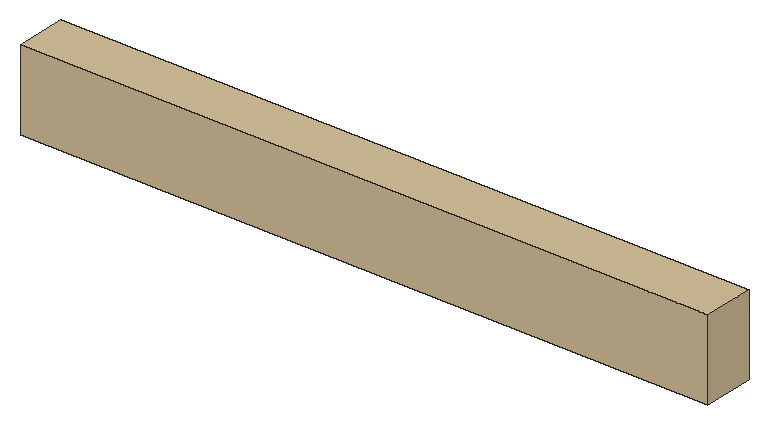
Revit family "Beam-Wood-Allweather_Wood", category Structural Framing, Revit 2026
Family settings
  Structural Framing Length Roundoff = 0' - 0"
  Section Shape = Not Defined
  Material for Model Behavior = Wood
  Always export as geometry = No
  Classification Number = 23.25.30.11.14.14
  Always vertical = Yes
  Cut with Voids When Loaded = No
  Symbolic Representation = From Project Settings
  Shared = No
  Show family pre-cut in plan views = Yes
Parameters (values of type "Fire Retardant S4S Lumber - 2 x 4")
  Wood Species = "Douglas-fir / Mixed Species"
  URL = "https://www.arcat.com/arcatcos/cos53/arc53728.html"
  Structural Material = Lumber - Allweather Wood
  Specifications = "https://www.arcat.com/company/allweather-wood-53728/spec"
  Preservative = "Fire Retardant"
  Nominal Size = "4\" x 6\""
  Moisture Content (Green or Dry) = "Dry"
  Model = "4\" x 6\""
  Manufacturer = "Allweather Wood"
  Keynote = "06 05 73"
  Finish Characteristic = "S4S Lumber"
  Description = "Wood Beam"
  Assembly Code = "B10"
  Length [instance] = 5' - 0"
  b = 0' - 3.56"
  d = 0' - 5.63"
  Actual Size = "3-9/16 x 5-5/8  inches"
Types (7): name | Nominal Size | Model | b | d | Actual Size
  Fire Retardant S4S Lumber - 2 x 4 | "2\" x 4\"" | "2\" x 4\"" | 0' - 1 1/2" | 0' - 3 1/2" | "1-1/2x3-1/2 inches"
  Fire Retardant S4S Lumber - 6 x 6 | "6\" x 6\"" | "6\" x 6\"" | 0' - 5 1/2" | 0' - 5 1/2" | "5-1/2x5-1/2 inches"
  Fire Retardant S4S Lumber - 2 x 12 | "2\" x 12\"" | "2\" x 12\"" | 0' - 1 1/2" | 0' - 10 1/4" | "1-1/2x10-1/4 inches"
  Fire Retardant S4S Lumber - 4 x 6 | "4\" x 6\"" | "4\" x 6\"" | 0' - 3.56" | 0' - 5.63" | "3-9/16 x 5-5/8  inches"
  Fire Retardant S4S Lumber - 2 x 10 | "2\" x 10\"" | "2\" x 10\"" | 0' - 1 1/2" | 0' - 9 1/4" | "1-1/2x9-1/4 inches"
  Fire Retardant S4S Lumber - 2 x 8 | "2\" x 8\"" | "2\" x 8\"" | 0' - 1 1/2" | 0' - 7 1/4" | "1-1/2x7-1/4 inches"
  Fire Retardant S4S Lumber - 2 x 6 | "2\" x 6\"" | "2\" x 6\"" | 0' - 1 1/2" | 0' - 5 1/2" | "1-1/2x5-1/2 inches"
Reference planes (in)
  plane 1 "Center (Front/Back)": y = 0
  plane 2: z = 0
  plane 3 "Center (Left/Right)": x = 0.1815
  plane 4 "Member Left": x = -23.8185
  plane 5 "Member Right": x = 24.1815
  plane 6: y = 1.78
  plane 7: y = -1.78
  plane 8: z = 2.815
  plane 9: z = -2.815
  plane 10 "Left": x = -29.8185
  plane 11 "Stick Symbol Left": x = -17.8185
  plane 12 "Stick Symbol Right": x = 18.1815
  plane 13 "Right": x = 30.1815
Forms (in)
  Sweep 1, solid, material "Lumber - Allweather Wood" <- "Structural Material", detail levels medium+fine
    path origin (0, 0, 0) x (1, 0, 0) y (0, 1, 0)
      loop
        line (24.1815, 0) -> (-23.8185, 0)
    profile "Rectangular Wood Beam-Profile : Rectangular Wood Beam-Profile" origin (0.1815, 0, 0) x (0, -1, 0) y (0, 0, 1)
      loop
        line (-1.78, -2.815) -> (1.78, -2.815) -> (1.78, 2.815) -> (-1.78, 2.815) -> (-1.78, -2.815)
Lines and regions (in)
  symbolic lines, style "Stick Symbols", detail levels coarse
    curve 1: line (0.1815, 1.78, 2.815) -> (0.1815, -1.78, 2.815)
    curve 2: line (0.1815, -1.78, -2.815) -> (0.1815, 1.78, -2.815)
    curve 3: line (0.1815, -1.78, 2.815) -> (0.1815, -1.78, -2.815)
    curve 4: line (0.1815, 1.78, -2.815) -> (0.1815, 1.78, 2.815)
Dimensions and locks (in)
  "b": plane 6 to plane 7
  "d": plane 9 to plane 8
  equal spacing: plane 9, plane 2, plane 8
  equal spacing: plane 6, plane 1 "Center (Front/Back)", plane 7
  "Length": plane 10 "Left" to plane 13 "Right"
  aligned and locked: Sweep 1 sketch curve to plane 1 "Center (Front/Back)"
  aligned and locked: curve 1 to Sweep 1
  aligned and locked: curve 2 to Sweep 1
  aligned and locked: curve 3 to Sweep 1
  aligned and locked: curve 4 to Sweep 1
  aligned and locked: plane 4 "Member Left" to Sweep 1 sketch curve
  aligned and locked: plane 5 "Member Right" to Sweep 1 sketch curve
